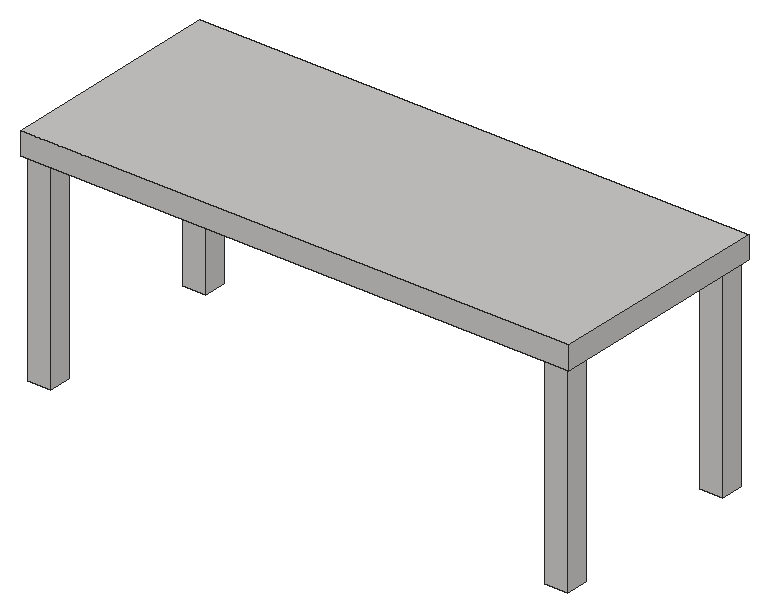
Revit family "QF_ZANUSSI_132964_OSN1L10", category Attrezzature speciali, Revit 2021
Family settings
  Quota connettore circolare = Usa diametro
  Tipo di parte = Normale
  Basato su piano di lavoro = No
  Sempre verticale = Sì
  Taglio con vuoti quando caricato = No
  Condiviso = No
  Punto di calcolo locali = No
Parameters (values of type "Standard")
  Weight = 15.00 kg
  Watts = 0 W
  Volts = 0 V
  URL Manufacturer = "http://www.zanussiprofessional.com"
  URL = "http://www.zanussiprofessional.com"
  Steam Supply Size = 0 mm
  Steam Supply Minimum Pressure = 0.0 Pa
  Steam Supply Maximum Pressure = 0.0 Pa
  Steam Consumption per Hour = 0
  Refrigeration Suction Line Size = 0.0 mm
  Refrigeration Liquid Line Size = 0.0 mm
  Refrigerant Compressor Remote = yes
  Prospetto di default = 0.0 mm
  Phase = 0
  Modello = "OSN1L10"
  Produttore = "Zanussi"
  Length Actual = 975.0 mm  # constant formula
  Item Number = "132964"
  Hot Water Size = 0 mm
  Height Actual = 400.0 mm  # constant formula
  HP = "0 HP"
  Gas Size = 0 mm
  Gas KW = 0
  Gas Input Pressure = 0 W
  Direct Waste Size = 0 mm
  Descrizione = "OVERSHELF, NEUTRAL, ONE TIER, 1000 MM"
  Depth Actual = 400.0 mm  # constant formula
  Cycle = 0 Hz
  Condensate Return Size = 0 mm
  Compressed Air Volume = 0.0 L/s
  Compressed Air Size = 0 mm
  Compressed Air Pressure = 0.0 Pa
  Cold Water Size = 0 mm
  Accessory = yes
Reference planes
  plane 1 "Center (Front/Back)": y = 0
  plane 2: z = 0
  plane 3 "Center (Left/Right)": x = 12.5
  plane 4 "LEFT": x = -475
  plane 5 "RIGHT": x = 500
  plane 6 "BACK": y = 350
  plane 7 "FRONT": y = -50
  plane 8 "Base": z = 1260
  plane 9 "TOP": z = 1300
  plane 10: x = -447.2
  plane 11: x = 472.2
  plane 12: y = 322.2
  plane 13: y = -22.2
  plane 14: z = 900
Forms (mm)
  Extrusion 1, solid, material "QF_Finishes_Stainless Steel"
    sketch origin (12.5, 0, 900) x (0, 1, 0) y (0, 0, 1)
      loop
        line (-50, 360) -> (350, 360) -> (350, 400) -> (-50, 400) -> (-50, 360)
    from 487.5 to -487.5
Lines and regions (mm)
  symbolic lines
    curve 1: line (500, 350, 1300) -> (-475, 350, 1300)
    curve 2: line (-475, 350, 1300) -> (-475, -50, 1300)
    curve 3: line (-475, -50, 1300) -> (500, -50, 1300)
    curve 4: line (500, -50, 1300) -> (500, 350, 1300)
    curve 5: line (-475, -50, 1300) -> (500, 350, 1300)
  symbolic lines, style "SpecialityEquipmentHiddenLines"
    curve 6: line (-467.2, -2.2, 1300) -> (-427.2, -2.2, 1300)
    curve 7: line (-427.2, -2.2, 1300) -> (-427.2, -42.2, 1300)
    curve 8: line (-427.2, -42.2, 1300) -> (-467.2, -42.2, 1300)
    curve 9: line (-467.2, -42.2, 1300) -> (-467.2, -2.2, 1300)
    curve 10: line (-467.2, 342.2, 1300) -> (-427.2, 342.2, 1300)
    curve 11: line (-427.2, 342.2, 1300) -> (-427.2, 302.2, 1300)
    curve 12: line (-427.2, 302.2, 1300) -> (-467.2, 302.2, 1300)
    curve 13: line (-467.2, 302.2, 1300) -> (-467.2, 342.2, 1300)
    curve 14: line (452.2, 342.2, 1300) -> (492.2, 342.2, 1300)
    curve 15: line (492.2, 342.2, 1300) -> (492.2, 302.2, 1300)
    curve 16: line (492.2, 302.2, 1300) -> (452.2, 302.2, 1300)
    curve 17: line (452.2, 302.2, 1300) -> (452.2, 342.2, 1300)
    curve 18: line (452.2, -2.2, 1300) -> (492.2, -2.2, 1300)
    curve 19: line (492.2, -2.2, 1300) -> (492.2, -42.2, 1300)
    curve 20: line (492.2, -42.2, 1300) -> (452.2, -42.2, 1300)
    curve 21: line (452.2, -42.2, 1300) -> (452.2, -2.2, 1300)
Dimensions and locks
  plane 4 "LEFT" to plane 5 "RIGHT" = 975.0 mm
  equal spacing: plane 4 "LEFT", plane 3 "Center (Left/Right)", plane 5 "RIGHT"
  plane 4 "LEFT" to plane 10 = 27.8 mm
  plane 11 to plane 5 "RIGHT" = 27.8 mm
  plane 10 to plane 11 = 919.4 mm
  plane 6 "BACK" to plane 12 = 27.8 mm
  plane 13 to plane 7 "FRONT" = 27.8 mm
  plane 6 "BACK" to plane 7 "FRONT" = 400.0 mm
  plane 12 to plane 13 = 344.4 mm
  plane 6 "BACK" to plane 1 "Center (Front/Back)" to plane 7 "FRONT" = 350.0 mm, 50.0 mm
  plane 14 to level = 900.0 mm
  locked: plane 8 "Base" to plane 14 at 360
  locked: plane 9 "TOP" to plane 14 at 400
  aligned and locked: level to plane 2
  aligned and locked: plane 10 to nested 1
  aligned and locked: nested 1 to plane 13
  aligned and locked: plane 11 to nested 2
  aligned and locked: nested 2 to plane 13
  aligned and locked: plane 11 to nested 4
  aligned and locked: nested 4 to plane 12
  aligned and locked: plane 10 to nested 3
  aligned and locked: nested 3 to plane 12
  aligned and locked: Extrusion 1 to plane 4 "LEFT"
  aligned and locked: plane 5 "RIGHT" to Extrusion 1
  aligned and locked: curve 2 to plane 4 "LEFT"
Automatic sketch dimensions
  Extrusion 1 sketch curve to plane 7 "FRONT" = 0.0 mm
  Extrusion 1 sketch curve to plane 8 "Base" = 0.0 mm
  Extrusion 1 sketch curve to plane 9 "TOP" = 0.0 mm
  Extrusion 1 sketch curve to plane 6 "BACK" = 0.0 mm
  curve 4 to plane 5 "RIGHT" = 0.0 mm
  curve 4 to plane 7 "FRONT" = 0.0 mm
  curve 4 to plane 6 "BACK" = 0.0 mm
  plane 7 "FRONT" to curve 20 = 7.8 mm
  plane 7 "FRONT" to curve 9 = 7.8 mm
  plane 1 "Center (Front/Back)" to curve 6 = 2.2 mm
  plane 1 "Center (Front/Back)" to curve 21 = 2.2 mm
  curve 11 to plane 12 = 20.0 mm
  curve 17 to plane 12 = 20.0 mm
  curve 15 to plane 6 "BACK" = 7.8 mm
  curve 13 to plane 6 "BACK" = 7.8 mm
  curve 19 to plane 5 "RIGHT" = 7.8 mm
  curve 15 to plane 5 "RIGHT" = 7.8 mm
  curve 16 to plane 11 = 20.0 mm
  curve 18 to plane 11 = 20.0 mm
  plane 10 to curve 11 = 20.0 mm
  plane 10 to curve 6 = 20.0 mm
  plane 4 "LEFT" to curve 9 = 7.8 mm
  plane 4 "LEFT" to curve 10 = 7.8 mm
Nested families
  nested 1: "FEET_40x40_H360" at (-447.2, -22.2, 900), type "FEET_40x40_H360"
  nested 2: "FEET_40x40_H360" at (472.2, -22.2, 900), type "FEET_40x40_H360"
  nested 3: "FEET_40x40_H360" at (-447.2, 322.2, 900), type "FEET_40x40_H360"
  nested 4: "FEET_40x40_H360" at (472.2, 322.2, 900), type "FEET_40x40_H360"
Definition of nested family "FEET_40x40_H360"
  Parameters
    Default Elevation = 0.0 mm
    FEET = 360.0 mm
  Reference planes
    plane 1 "Center (Front/Back)": y = 0
    plane 2: z = 0
    plane 3 "Center (Left/Right)": x = 0
    plane 4: z = 360
  Forms (mm)
    Extrusion 1, solid
      sketch origin (0, 0, 0) x (1, 0, 0) y (0, 1, 0)
        loop
          line (-20, -20) -> (20, -20) -> (20, 20) -> (-20, 20) -> (-20, -20)
      from 0 to 360
  Lines and regions (mm)
    symbolic lines
      curve 1: line (0, -1.503, 0) -> (0, 1.508, 0)
      curve 2: line (1.561, 0, 0) -> (-1.439, 0, 0)
  Dimensions and locks
    "FEET": plane 4 to plane 2
    aligned and locked: level to plane 2
  Automatic sketch dimensions
    plane 1 "Center (Front/Back)" to curve 2 = 0.0 mm
    curve 1 to plane 3 "Center (Left/Right)" = 0.0 mm
    curve 2 to plane 3 "Center (Left/Right)" = 1.439 mm
    plane 3 "Center (Left/Right)" to curve 2 = 1.561 mm
    plane 1 "Center (Front/Back)" to curve 1 = 1.503 mm
    curve 1 to plane 1 "Center (Front/Back)" = 1.508 mm
    Extrusion 1 sketch curve to plane 3 "Center (Left/Right)" = 20.0 mm
    plane 3 "Center (Left/Right)" to Extrusion 1 sketch curve = 20.0 mm
    plane 1 "Center (Front/Back)" to Extrusion 1 sketch curve = 20.0 mm
    Extrusion 1 sketch curve to plane 1 "Center (Front/Back)" = 20.0 mm
